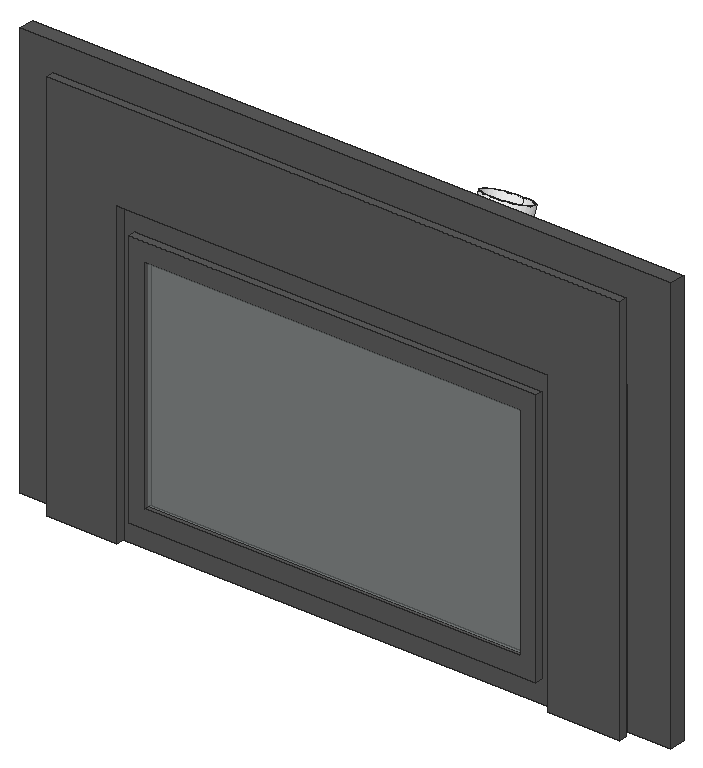
Revit family "30FID", category Generic Models, Revit 2019
Family settings
  Can host rebar = No
  Round Connector Dimension = Use Diameter
  Part Type = Normal
  Work Plane-Based = No
  Always vertical = Yes
  Cut with Voids When Loaded = No
  Shared = No
  Room Calculation Point = No
Parameters
  Width = 12 5/16"
  URL = "https://www.montigo.com/"
  Model = ""
  Manufacturer Fax = ""
  Manufacturer Website = "https://www.montigo.com/"
  Manufacturer Phone - Toll Free = "800-378-3115"
  Manufacturer Phone = ""
  Manufacturer Address = "27342 Gloucester Way  Langley, BC, Canada   V4W 4A1"
  Manufacturer = "Montigo"
  Length = 53 7/16"
  Keynote = ""
  Glazing Tint = Glass - Montigo - Tint as Specified
  Frame Material = Metal - Montigo - Black
  Firebox Material = Metal - Montigo - White
  Fire Place Length = 50 5/16"
  Fire Place Height = 24 1/2"
  Fire Place - Opening = 16 9/16"
  Description = "Montigo Fireplace as Specified"
  Base Height = 6 9/16"
Reference planes (in)
  plane 1 "Center (Front/Back)": y = 0
  plane 2: z = 0
  plane 3 "Center (Left/Right)": x = 0
Forms (in)
  Extrusion 1, solid, material "Metal - Montigo - Black" <- "Frame Material"
    sketch origin (0, 0, 0) x (1, 0, 0) y (0, 1, 0)
      loop
        line (-14.75, 0) -> (14.75, 0) -> (9.9375, 13.5) -> (-9.9375, 13.5) -> (-14.75, 0)
    from 0 to 20
  Extrusion 2, void
    sketch origin (0, 0, 0) x (0, 1, 0) y (0, 0, 1)
      loop
        line (13.5, 20) -> (6.75, 20) -> (13.5, 17) -> (13.5, 20)
    from -14.75 to 15.95183
  Extrusion 3, solid, material "Metal - Montigo - Black" <- "Frame Material"
    sketch origin (-0.56009, 0, 0) x (1, 0, 0) y (0, 1, 0)
      loop
        line (-20.43991, 0) -> (-20.43991, -1) -> (21.56009, -1) -> (21.56009, 0) -> (-20.43991, 0)
    from 0 to 26.875
  Extrusion 4, solid, material "Metal - Montigo - Black" <- "Frame Material"
    sketch origin (-0.2051, -1, 0) x (1, 0, 0) y (0, 1, 0)
      loop
        line (-18.2949, -0.5) -> (-18.2949, -1) -> (18.7051, -1) -> (18.7051, -0.5) -> (-18.2949, -0.5)
    from 0 to 25.375
  Extrusion 5, solid, material "Metal - Montigo - Black" <- "Frame Material"
    sketch origin (-0.2051, -0.5, 0) x (1, 0, 0) y (0, 1, 0)
      loop
        line (-18.0449, -0.5) -> (-18.0449, -1) -> (18.35011, -1) -> (18.35011, -0.5) -> (-18.0449, -0.5)
    from 0 to 20
  Extrusion 6, void
    sketch origin (42.25, -6.4375, 0) x (-1, 0, 0) y (0, 0, -1)
      loop
        line (56.17749, -19.5) -> (56.17749, 0) -> (28.42749, 0) -> (28.42749, -19.5) -> (56.17749, -19.5)
      loop
        line (29.17749, -1.4375) -> (29.17749, -18.0625) -> (55.42749, -18.0625) -> (55.42749, -1.4375) -> (29.17749, -1.4375)
      loop
        line (54.42749, -16.875) -> (54.42749, -2.625) -> (30.17749, -2.625) -> (30.17749, -16.875) -> (54.42749, -16.875)
    from -4.9375 to -4.4375
  Extrusion 7, solid, material "Glass - Montigo - Tint as Specified" <- "Glazing Tint"
    sketch origin (42.25, -6.4375, 0) x (-1, 0, 0) y (0, 0, -1)
      loop
        line (54.42749, -16.875) -> (54.42749, -2.625) -> (30.17749, -2.625) -> (30.17749, -16.875) -> (54.42749, -16.875)
    from -4.9375 to -4.6875
Cuts and joins
  Extrusion 2 cuts Extrusion 1
  Extrusion 6 cuts Extrusion 4
Lines and regions (in)
  symbolic lines
    curve 1: line (-383.76617, 159.39833, 0) -> (-364.89117, 159.39833, 0)
    curve 2: line (-13.92749, -6.4375, 19.5) -> (13.82251, -6.4375, 19.5)
    curve 3: line (13.82251, -6.4375, 19.5) -> (13.82251, -6.4375, 0)
    curve 4: line (13.82251, -6.4375, 0) -> (-13.92749, -6.4375, 0)
    curve 5: line (-13.92749, -6.4375, 0) -> (-13.92749, -6.4375, 19.5)
    curve 6: line (-13.17749, -6.4375, 18.0625) -> (13.07251, -6.4375, 18.0625)
    curve 7: line (13.07251, -6.4375, 18.0625) -> (13.07251, -6.4375, 1.4375)
    curve 8: line (13.07251, -6.4375, 1.4375) -> (-13.17749, -6.4375, 1.4375)
    curve 9: line (-13.17749, -6.4375, 1.4375) -> (-13.17749, -6.4375, 18.0625)
    curve 10: line (-12.17749, -6.4375, 2.625) -> (12.07251, -6.4375, 2.625)
    curve 11: line (12.07251, -6.4375, 2.625) -> (12.07251, -6.4375, 16.875)
    curve 12: line (12.07251, -6.4375, 16.875) -> (-12.17749, -6.4375, 16.875)
    curve 13: line (-12.17749, -6.4375, 16.875) -> (-12.17749, -6.4375, 2.625)
Dimensions and locks (in)
  Extrusion 1 to level = 0"
  aligned and locked: level to plane 2
Nested families (in)
  nested 1: "Duct Dia" at (0, 8.30012, 19.31106) x (0, -0.9138, 0.4061) z (0, 0.4061, 0.9138), type "3""
    with Intake Duct Dia 3", Intake Diameter 2 7/8", Height 1"
  nested 2: "Duct Dia" at (0, 11.66802, 17.81421) x (0, -0.9138, 0.4061) z (0, 0.4061, 0.9138), type "3""
    with Intake Duct Dia 3", Intake Diameter 2 7/8", Height 1"
Connectors (in)
  hvac at (0, 12.07416, 18.72802)
    settings: on nested 2, index 1, duct flow 0.0 L/s, flow factor 0, pres drop 0.0 Pa, loss coef 0, conn angle 0.00°, conn width 76.2 mm, conn height 76.2 mm, conn diameter 76.2 mm, duct sys type 1, conn prof type 0, flow config 0, flow direction 0, loss method 0, conn ref index -1, conn util no, is conn primary yes, conn desc ""
  hvac at (0, 8.70626, 20.22487)
    settings: on nested 1, index 2, duct flow 0.0 L/s, flow factor 0, pres drop 0.0 Pa, loss coef 0, conn angle 0.00°, conn width 304.8 mm, conn height 304.8 mm, conn diameter 76.2 mm, duct sys type 3, conn prof type 0, flow config 0, flow direction 0, loss method 0, conn ref index -1, conn util no, is conn primary no, conn desc ""
Definition of nested family "Duct Dia"
  Parameters (values of type "15 7/8" Dia.")
    Intake Duct Dia = 15 7/8"
    Intake Diameter = Intake Duct Dia - 1/8"  # 15 3/4"
    Height = 4"
    Firebox Material = none
    Default Elevation = 48"
  Types (12): name | Intake Duct Dia | Intake Diameter | Height
    9 7/8" Dia. | 9 7/8" | 9 3/4" | 4"
    7 7/8" Dia | 7 7/8" | 7 3/4" | 4"
    8 1/8" Dia | 8 1/8" | 8" | 1/4"
    11 3/4" Dia | 11 3/4" | 11 5/8" | 4"
    4" Dia | 10" | 9 7/8" | 4"
    7 3/4" Dia | 7 3/4" | 7 5/8" | 4"
    6 7/8" Dia | 6 7/8" | 6 3/4" | 1/4"
    9 3/4" Dia. | 9 3/4" | 9 5/8" | 4"
    7 1/8" Dia | 7 1/8" | 7" | 1/4"
    11 7/8" Dia. | 11 7/8" | 11 3/4" | 4"
    13 7/8" Dia. | 13 7/8" | 13 3/4" | 4"
    15 7/8" Dia. | 15 7/8" | 15 3/4" | 4"
  Reference planes (in)
    plane 1 "Center (Front/Back)": y = 0
    plane 2: z = 0
    plane 3 "Center (Left/Right)": x = 0
    plane 4: z = 4
  Forms (in)
    Extrusion 1, solid
      sketch origin (0, 0, 0) x (1, 0, 0) y (0, 1, 0)
        loop
          line (-48, 48) -> (-48, -48) -> (48, -48) -> (48, 48) -> (-48, 48)
      from 0 to -12
    Extrusion 2, solid, material <- "Firebox Material"
      sketch origin (0, 0, 0) x (1, 0, 0) y (0, 1, 0)
        loop
          circle (0, 0) r 7.9375
        loop
          circle (0, 0) r 7.875
      from 0 to 4
  Dimensions and locks (in)
    "Height": plane 4 to level
    "Intake Duct Dia": diameter of Extrusion 2 sketch curve
    "Intake Diameter": diameter of Extrusion 2 sketch curve
    aligned and locked: plane 2 to Extrusion 1
    aligned and locked: level to Extrusion 1
    aligned and locked: plane 4 to Extrusion 2
  Automatic sketch dimensions
    Extrusion 1 sketch curve to Extrusion 1 sketch curve = 96"  (x2)
    Extrusion 2 sketch curve to Extrusion 2 sketch curve = 0"  (x2)
    plane 1 "Center (Front/Back)" to Extrusion 2 sketch curve = 0"
    Extrusion 2 sketch curve to plane 3 "Center (Left/Right)" = 0"
